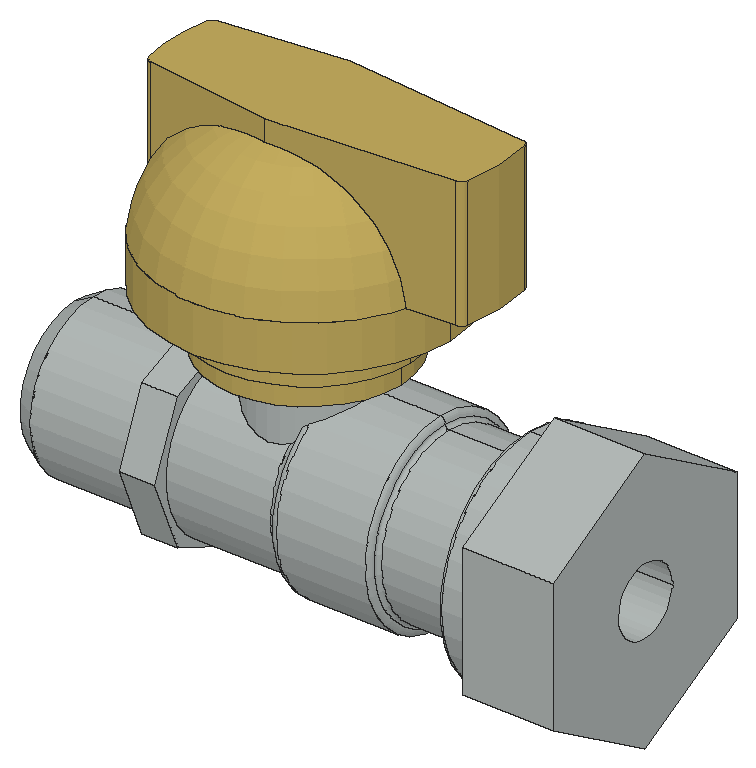
Revit family "QP21370000", category Apparecchi idraulici, Revit 2020
Family settings
  Quota connettore circolare = Usa diametro
  Tipo di parte = Normale
  Numero OmniClass = 23.45.00.00
  Titolo OmniClass = Sanitary, Laundry, and Cleaning Equipment
  Basato su piano di lavoro = No
  Sempre verticale = Sì
  Taglio con vuoti quando caricato = No
  Condiviso = No
  Punto di calcolo locali = No
Parameters
  URL = "https://web.cimberio.com/index.php/figura/148?subcategoria_id="
  Temperatura di esercizio = ""
  Prospetto di default = 0 mm
  Produttore = "CIMBERIO SPA"
  Pressione nominale = "MOP 5"
  Modello = "Cim 187PG"
  Materiale = "Prodotto in lega di ottone conforme alla norma EN 12165-CW617N-DW"
  Description = ""
  DN Model [instance] = QP21372102 : QP21372102
  DN [instance] = 9 mm
  Commenti sul tipo = "Realizzato in ottemperanza ai requisiti gestionali della norma EN ISO 9001.\r\nCollaudato al 100% secondo la normativa EN 12266-1"
Reference planes
  plane 1 "Centro (Fronte/Retro)": y = 0
  plane 2: z = 0
  plane 3 "Centro (Sinistra/Destra)": x = 0
Dimensions and locks
  aligned and locked: level to plane 2
Nested families
  nested 1: "QP21372102" at (0, 0, 0), type <- "DN Model", type "QP21372102"
  nested 2: "QP21372102" at (0, 0, 0), type <- "DN Model", type "QP21372102"
Connectors
  piping at (44.215, 0, 0), diameter 9, driven by "DN"
    settings: on nested 1, index 1, connector inside diameter 609.6 mm, connector length 0 mm, flow factor 0, pipe flow 0.0 L/s, pressure drop 0.0 Pa, fitting loss kfactor 0, connector angle 0.00°, fixture units 0, engagement length 0 mm, angle of deflection 0.00°, flow configuration 0, flow direction 0, fitting loss method 0, system type 7, joint type 0, gender type 0, connector reference index -1, connector utility 0, adjustable connector no, is connector primary yes, connector description ""
  piping at (-31.01, 0, 0), diameter 9, driven by "DN"
    settings: on nested 1, index 2, connector inside diameter 609.6 mm, connector length 0 mm, flow factor 0, pipe flow 0.0 L/s, pressure drop 0.0 Pa, fitting loss kfactor 0, connector angle 0.00°, fixture units 0, engagement length 0 mm, angle of deflection 0.00°, flow configuration 0, flow direction 0, fitting loss method 0, system type 7, joint type 0, gender type 0, connector reference index -1, connector utility 0, adjustable connector no, is connector primary no, connector description ""
Definition of nested family "QP21372102"
  Parameters (values of type "QP21372102")
    URL = ""
    Default Elevation = 0 mm
    Manufacturer = ""
    Model = ""
    Description = ""
    Type Comments = ""
  Reference planes
    plane 1 "Centro (Fronte/Retro)": y = 0
    plane 2: z = 0
    plane 3 "Centro (Sinistra/Destra)": x = 0
  Forms (mm)
    Revolve 1, solid
      sketch origin (1.758, 0, 0) x (1, 0, 0) y (0, 0, 1)
        loop
          line (-0.754, 4.83) -> (7.416, 4.83) -> (7.416, 16.081) -> (-0.754, 16.081) -> (-0.754, 4.83)
        axis (-0.754, 16.081) -> (-0.754, 4.83)
      angle from 0 to 360
    Revolve 2, solid
      sketch origin (0, 0, 0) x (1, 0, 0) y (0, 0, 1)
        loop
          line (29.19, -14.733) -> (32.25, -14.733) -> (32.25, -4.5) -> (-10.271, -4.5) -> (-10.271, -10.983) -> (3.557, -10.983)
          arc (3.557, -10.983) -> (4.268, -11.328) -> (4.711, -11.983) r 1.528
          arc (4.711, -11.983) -> (5.077, -12.349) -> (5.577, -12.483) r 1
          line (5.577, -12.483) -> (17.3, -12.483)
          arc (17.3, -12.483) -> (17.636, -12.081) -> (17.8, -11.583) r 1.391
          arc (17.8, -11.583) -> (17.946, -11.229) -> (18.3, -11.083) r 0.5
          line (18.3, -11.083) -> (28.69, -11.083) -> (28.69, -14.233)
          arc (28.69, -14.233) -> (28.836, -14.587) -> (29.19, -14.733) r 0.5
        axis (-10.271, 0) -> (32.25, 0)
      angle from 0 to 360
    Extrusion 3, solid
      sketch origin (0, 0, 0) x (0, 1, 0) y (0, 0, 1)
        loop
          circle (0, 0) r 4.5
        loop
          line (0, 17.4) -> (-15.069, 8.7) -> (-15.069, -8.7) -> (0, -17.4) -> (15.069, -8.7) -> (15.069, 8.7) -> (0, 17.4)
      from 32.25 to 44.215
    Extrusion 4, solid
      sketch origin (0, 0, -0.6) x (0, 1, 0) y (0, 0, 1)
        loop
          circle (0, 0.6) r 4.5
        loop
          line (0, 13.25) -> (-8.945, 9.545) -> (-12.65, 0.6) -> (-8.945, -8.345) -> (0, -12.05) -> (8.945, -8.345) -> (12.65, 0.6) -> (8.945, 9.545) -> (0, 13.25)
      from -15.01 to -10.271
    Revolve 5, solid
      sketch origin (0, 0, 0) x (1, 0, 0) y (0, 0, 1)
        loop
          line (-15.01, 4.5) -> (-15.01, 10.45) -> (-28.527, 10.45) -> (-31.01, 9.007) -> (-31.01, 4.5) -> (-15.01, 4.5)
        axis (-31.01, 0) -> (-15.01, 0)
      angle from 0 to 360
  Dimensions and locks
    aligned and locked: level to plane 2
  Nested families
    nested 1: "MANIGLIA SICUREZZA PREMI E GIRA" at (0, 0, 14.3), type "MANIGLIA SICUREZZA PREMI E GIRA"
  Definition of nested family "MANIGLIA SICUREZZA PREMI E GIRA"
    Parameters (values of type "MANIGLIA SICUREZZA PREMI E GIRA")
      URL = ""
      Default Elevation = 0 mm
      Manufacturer = ""
      Model = ""
      Description = ""
      Type Comments = ""
    Reference planes
      plane 1 "Centro (Fronte/Retro)": y = 0
      plane 2: z = 0
      plane 3 "Centro (Sinistra/Destra)": x = 0
    Forms (mm)
      Revolve 1, solid
        sketch origin (0.744, 0, -12.594) x (1, 0, 0) y (0, 0, 1)
          loop
            line (11.362, 12.594) -> (11.362, 15.594) -> (12.523, 15.594) -> (12.523, 20.094) -> (17.823, 20.094) -> (17.823, 26.094)
            arc (17.823, 26.094) -> (14.02, 35.192) -> (5.793, 40.629) r 16.935
            line (5.793, 40.629) -> (-0.977, 40.629) -> (-0.977, 12.594) -> (11.362, 12.594)
          axis (-0.977, 12.594) -> (-0.977, 40.629)
        angle from 0 to 360
      Extrusion 2, solid
        sketch origin (1.758, 0, -12.55) x (1, 0, 0) y (0, 1, 0)
          loop
            arc (-19.114, 4.772) -> (-19.758, -0.042) -> (-19.091, -4.852) r 18
            arc (-19.091, -4.852) -> (-18.778, -5.343) -> (-18.244, -5.576) r 1
            line (-18.244, -5.576) -> (-1.755, -7.5) -> (21.908, -5.5)
            arc (21.908, -5.5) -> (22.493, -5.247) -> (22.806, -4.691) r 1
            arc (22.806, -4.691) -> (23.25, 0) -> (22.806, 4.691) r 25
            arc (22.806, 4.691) -> (22.489, 5.25) -> (21.897, 5.501) r 1
            line (21.897, 5.501) -> (-2.38, 7.425) -> (-18.27, 5.5)
            arc (-18.27, 5.5) -> (-18.802, 5.265) -> (-19.114, 4.772) r 1
        from 26.05 to 43.05
    Dimensions and locks
      aligned and locked: level to plane 2
